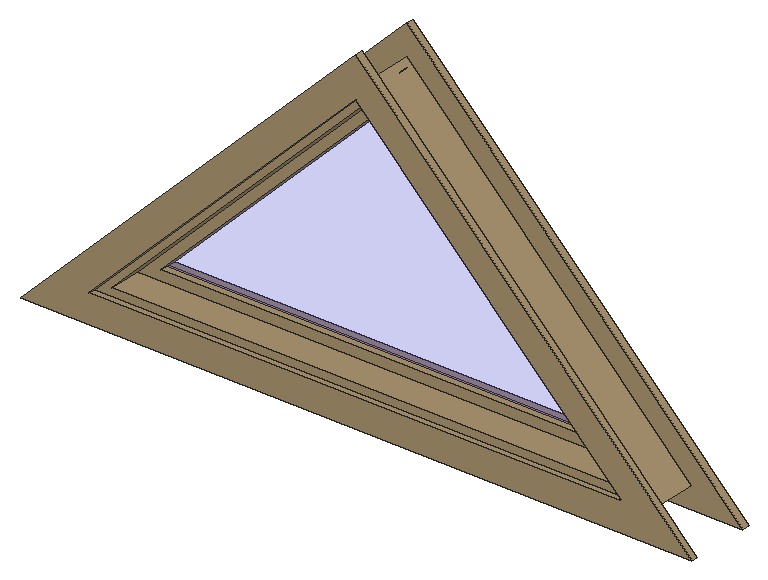
Revit family "Fixed Isosceles Triangle", category Windows, host Wall, Revit 2015
Parameters
  Exterior Trim Width = 0' - 3"
  Exterior Trim Thickness = 0' - 0 3/4"
  Trim = yes
  Slope = 1' - 0"
  Interior Trim Width = 0' - 3"
  Interior Trim Thickness = 0' - 0 3/4"
  Height = 0.5 * (Width * tan(Angle))  # 2' - 6"
  Default Sill Height = 3' - 0"
  Wall Closure = By host
  Width = 5' - 0"
  Angle = atan(Slope / 1' 0")  # 45.00°
Reference planes (in)
  plane 1 "Center (Front/Back)": y = 0
  plane 2: z = 0
  plane 3 "Center (Left/Right)": x = 0
  plane 4 "Left": x = -30
  plane 5 "Right": x = 30
  plane 6 "Sill": z = 36
Forms (in)
  Sweep 1, solid, material "Softwood, Lumber"
    path in 3D
      loop
        line (30, 3, 36) -> (0, 3, 66) -> (-30, 3, 36) -> (30, 3, 36)
    profile origin (0, 3, 36) x (0, 1, 0) y (0, 0, 1)
      loop
        line (0, 0) -> (0, 0.75) -> (-2.5, 0.75) -> (-2.5, 1.5) -> (-6, 1.5) -> (-6, 0) -> (0, 0)
  Sweep 2, solid, material "Softwood, Lumber"
    path in 3D
      loop
        line (28.18934, 3, 36.75) -> (0, 3, 64.93934) -> (-28.18934, 3, 36.75) -> (28.18934, 3, 36.75)
    profile origin (0, 3, 36.75) x (0, 1, 0) y (0, 0, 1)
      loop
        line (-2.5, 0) -> (-0.75, 0) -> (-0.75, 1.75) -> (-2.5, 1.75) -> (-2.5, 0)
  Extrusion 3, solid, material "Glass"
    sketch origin (-60, 3, 0) x (-1, 0, 0) y (0, 0, 1)
      loop
        line (-83.96447, 38.5) -> (-36.03553, 38.5) -> (-60, 62.46447) -> (-83.96447, 38.5)
    from -1.75 to -1.5
  Sweep 4, solid, material "Softwood, Lumber", visible <- "Trim"
    path in 3D
      loop
        line (28.18934, 3, 36.75) -> (0, 3, 64.93934) -> (-28.18934, 3, 36.75) -> (28.18934, 3, 36.75)
    profile origin (0, 3, 36.75) x (0, 1, 0) y (0, 0, 1)
      loop
        line (0, 0) -> (0, -3) -> (0.75, -3) -> (0.75, 0) -> (0, 0)
  Sweep 5, solid, material "Softwood, Lumber", visible <- "Trim"
    path in 3D
      loop
        line (28.18934, 0.5, 36.75) -> (0, 0.5, 64.93934) -> (-28.18934, 0.5, 36.75) -> (28.18934, 0.5, 36.75)
    profile origin (0, 0.5, 36.75) x (0, -1, 0) y (0, 0, -1)
      loop
        line (3.5, 0) -> (4.25, 0) -> (4.25, 3) -> (3.5, 3) -> (3.5, 0)
Lines and regions (in)
  Opening 1
    outline origin (-60, -3, 0) x (1, 0, 0) y (0, 0, 1)
      loop
        line (30, 36) -> (90, 36) -> (60, 66) -> (30, 36)
  sketch lines
    curve 1: line (-30, 3, 36) -> (30, 3, 36)
    curve 2: line (30, 3, 36) -> (0, 3, 66)
    curve 3: line (0, 3, 66) -> (-30, 3, 36)
    curve 4: line (-28.18934, 3, 36.75) -> (28.18934, 3, 36.75)
    curve 5: line (28.18934, 3, 36.75) -> (0, 3, 64.93934)
    curve 6: line (0, 3, 64.93934) -> (-28.18934, 3, 36.75)
    curve 7: line (-28.18934, 3, 36.75) -> (28.18934, 3, 36.75)
    curve 8: line (28.18934, 3, 36.75) -> (0, 3, 64.93934)
    curve 9: line (0, 3, 64.93934) -> (-28.18934, 3, 36.75)
    curve 10: line (-28.18934, 0.5, 36.75) -> (28.18934, 0.5, 36.75)
    curve 11: line (0, 0.5, 64.93934) -> (-28.18934, 0.5, 36.75)
    curve 12: line (28.18934, 0.5, 36.75) -> (0, 0.5, 64.93934)
Text (in)
  text "EXTERIOR" at (-58.6888, 50.90694, 0), in view "Ref. Level"
  text "INTERIOR" at (-58.6888, -37.76638, 0), in view "Ref. Level"
  text "Exterior" at (0, 43.65631, 123.19604), in view "Left"
  text "Exterior" at (0, 18.29385, 125.04747), in view "Right"
Dimensions and locks (in)
  equal spacing: plane 4 "Left", plane 3 "Center (Left/Right)", plane 5 "Right"
  "Width": plane 4 "Left" to plane 5 "Right"
  "Default Sill Height": plane 2 to plane 6 "Sill"
  locked: Sweep 1 sketch curve to host wall at 2.5
  locked: Sweep 1 sketch curve to host wall at 0.75
  locked: Sweep 1 sketch curve to host wall at 1.5
  locked: Sweep 2 sketch curve to Sweep 1 at 0.75
  locked: Sweep 2 sketch curve to Sweep 1 at 1.75
  "Exterior Trim Thickness": host wall to Sweep 4 sketch curve
  "Exterior Trim Width": Sweep 4 sketch curve to Sweep 4 sketch curve
  "Interior Trim Thickness": Sweep 5 sketch curve to host wall
  "Interior Trim Width": Sweep 5 sketch curve to Sweep 5 sketch curve
  "Angle": angle Opening 1 sketch curve to Opening 1 sketch curve  (x2)
  aligned and locked: plane 6 "Sill" to Opening 1 sketch curve  (x2)
  aligned and locked: level to plane 2
  aligned and locked: plane 3 "Center (Left/Right)" to Opening 1 sketch curve
  aligned and locked: host wall to Sweep 1 sketch curve  (x2)
  aligned and locked: Sweep 2 sketch curve to Sweep 1  (x2)
  aligned and locked: Extrusion 3 sketch curve to Sweep 2  (x3)
  aligned and locked: host wall to Sweep 4 sketch curve
  aligned and locked: Sweep 4 sketch curve to Sweep 1
  aligned and locked: Sweep 1 to Sweep 5 sketch curve
  aligned and locked: Sweep 5 sketch curve to host wall
Automatic sketch dimensions
  plane 4 "Left" to Opening 1 sketch curve = 0' - 0"
  Sweep 1 sketch curve to profile plane = 0' - 0"
